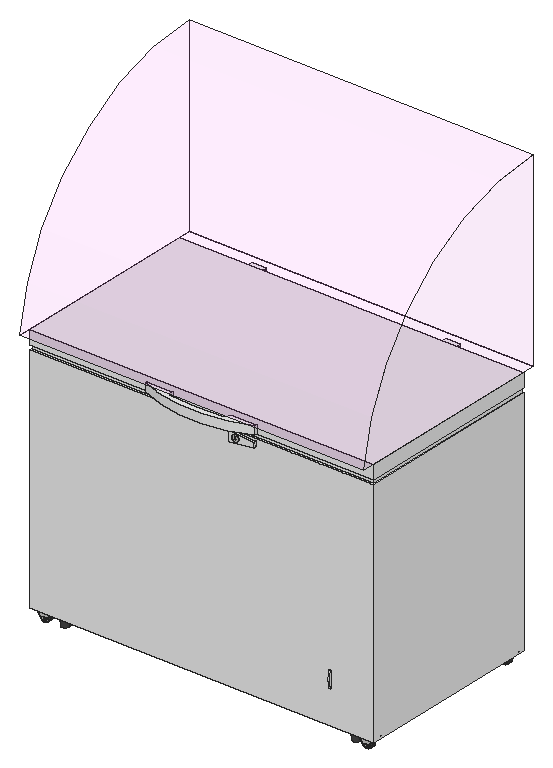
Revit family "Qf_Summit_SCFM103_10 Cu.Ft.Chest Freezer", category Specialty Equipment, Revit 2020
Family settings
  Round Connector Dimension = Use Diameter
  Part Type = Normal
  Work Plane-Based = No
  Always vertical = Yes
  Cut with Voids When Loaded = No
  Shared = No
  Room Calculation Point = No
Parameters
  Weight in Pounds = 120
  Watts = FL Amps * Volts  # 284.05 W
  Volts = 115 V
  URL Cutsheet = ""
  Specification by User = ""
  Specification by Manufacturer = ""
  Show Clearance [instance] = yes
  Serial Number = ""
  Seismic Rating = ""
  SMACNA No = ""
  Revision Code = ""
  Refrigerant Volume = 0.00 kip
  Refrigerant Type = "R600a"
  Phase = 1
  Number of Poles = 1
  NAFEM Spec ID Number = ""
  Model = "SCFM103"
  Min Ckt Ampacity = 0 A
  Max Overcurrent Protection = 0 A
  Masterspec = ""
  Manufacturer = "Summit"
  Length = 44"
  Item Number = ""
  Installed By = ""
  Identify Quantity as Lot = yes
  Height = 33 1/4"
  HP = ""
  Furnished By = ""
  Foodservice Equipment Identifier = yes
  FL Amps = 2.47 A
  Electrical Remarks = ""
  Electric Connection Type = ""
  Elec Conn RI Height = 0"
  Elec Conn Connection Height = 0"
  Description = "10 Cu.Ft. Chest Freezer"
  Depth = 25 1/2"
  Default Elevation = 0"
  Cycle = 60 Hz
  Conn Plug = ""
  Conn Conduit = yes
  CSI MasterFormat = ""
  Apparent Power = 828 VA
Reference planes (in)
  plane 1: z = 0
  plane 2 "LEFT": x = 0
  plane 3 "RIGHT": x = 44
  plane 4 "FRONT": y = -26.25
  plane 5 "TOP": z = 33.25
  plane 6 "Center Y": x = 22
  plane 7 "Center X": y = -13.5
  plane 8 "BACK": y = -0.75
  plane 9: z = 1.5
  plane 10: z = 31
  plane 11: z = 57.5
  plane 12: z = 31.5
  plane 13: x = 0.1875
  plane 14: x = 43.8125
  plane 15: y = -28
Forms (in)
  Extrusion 1, solid, material "QF_Metallic_Paint_White_Smooth"
    sketch origin (0, 0, 0) x (1, 0, 0) y (0, 1, 0)
      loop
        line (0, -2.25) -> (0, -26.25) -> (44, -26.25) -> (44, -2.25) -> (0, -2.25)
    from 1.5 to 31
  Extrusion 2, solid, material "QF_Metallic_Paint_White_Smooth"
    sketch origin (0, 0, 0) x (1, 0, 0) y (0, 1, 0)
      loop
        line (0, -2.25) -> (0, -26.25) -> (44, -26.25) -> (44, -2.25) -> (0, -2.25)
    from 31.5 to 33.25
  Extrusion 3, solid, material "QF_Metallic_Paint_White_Smooth"
    sketch origin (0, 0, 0) x (1, 0, 0) y (0, 1, 0)
      loop
        line (43.8125, -25.99841) -> (43.8125, -2.46056) -> (0.1875, -2.46056) -> (0.1875, -25.99841) -> (43.8125, -25.99841)
    from 31 to 31.5
  Extrusion 4, solid, material "QF_Metallic_Paint_White_Smooth"
    sketch origin (0, 0, 0) x (1, 0, 0) y (0, 1, 0)
      loop
        arc (15, -26.5) -> (22, -28) -> (29, -26.5) r 17.08333
        line (29, -26.5) -> (29, -26.25) -> (25.74893, -26.25)
        arc (25.74893, -26.25) -> (25.70572, -26.59052) -> (25.54992, -26.89637) r 1
        arc (25.54992, -26.89637) -> (25.49347, -26.94746) -> (25.42202, -26.97375) r 0.2
        arc (25.42202, -26.97375) -> (22, -27.25) -> (18.57798, -26.97375) r 21.33333
        arc (18.57798, -26.97375) -> (18.50653, -26.94746) -> (18.45008, -26.89637) r 0.2
        arc (18.45008, -26.89637) -> (18.29428, -26.59052) -> (18.25107, -26.25) r 1
        line (18.25107, -26.25) -> (15, -26.25) -> (15, -26.5)
    from 31.5 to 32.59678
  Extrusion 5, solid, material "QF_Metallic_Paint_White_Smooth"
    sketch origin (0, -0.75, 0) x (1, 0, 0) y (0, 0, 1)
      loop
        arc (28.90013, 29.75) -> (28.97084, 29.77929) -> (29.00013, 29.85) r 0.1
        line (29.00013, 29.85) -> (29.00013, 30.9)
        arc (29.00013, 30.9) -> (28.97084, 30.97071) -> (28.90013, 31) r 0.1
        line (28.90013, 31) -> (25.85013, 31)
        arc (25.85013, 31) -> (25.77942, 30.97071) -> (25.75013, 30.9) r 0.1
        line (25.75013, 30.9) -> (25.75013, 29.85)
        arc (25.75013, 29.85) -> (25.77942, 29.77929) -> (25.85013, 29.75) r 0.1
        line (25.85013, 29.75) -> (28.90013, 29.75)
    from 25.5 to 25.89733
  Extrusion 6, void
    sketch origin (0, -26.64733, 0) x (-1, 0, 0) y (0, 0, 1)
      loop
        line (-25.96691, 30.98511) -> (-28.91745, 30.67499)
        arc (-28.91745, 30.67499) -> (-28.95778, 30.65444) -> (-28.97401, 30.61218) r 0.06316
        line (-28.97401, 30.61218) -> (-28.97401, 30.13723)
        arc (-28.97401, 30.13723) -> (-28.95795, 30.09541) -> (-28.91804, 30.07507) r 0.0625
        line (-28.91804, 30.07507) -> (-25.96691, 29.76489)
        arc (-25.96691, 29.76489) -> (-25.83696, 29.80712) -> (-25.78138, 29.93194) r 0.16797
        line (-25.78138, 29.93194) -> (-25.78138, 30.81806)
        arc (-25.78138, 30.81806) -> (-25.83696, 30.94289) -> (-25.96691, 30.98511) r 0.16797
      loop
        line (-29.11585, 29.61237) -> (-25.55502, 29.61237) -> (-25.55502, 31.11237) -> (-29.11585, 31.11237) -> (-29.11585, 29.61237)
      loop
        circle (-26.62513, 30.375) r 0.4375
    from 0 to 0.39733
  Extrusion 7, solid, material "QF_Metal_Stainless_Polished"
    sketch origin (0, -26.64733, 0) x (1, 0, 0) y (0, 0, 1)
      loop
        circle (26.62513, 30.375) r 0.4375
      loop
        line (26.59388, 30.59505) -> (26.59388, 30.26689) -> (26.65638, 30.26689) -> (26.65638, 30.59505) -> (26.59388, 30.59505)
    from 0 to -0.39733
  Revolve 8, solid, material "QF_Metallic_Paint_Black_Glossy"
    sketch origin (0, -24.75, 0) x (1, 0, 0) y (0, 0, 1)
      loop
        line (3.38878, 1.5) -> (3.38878, 0) -> (3.88878, 0) -> (3.97211, 1.03254) -> (3.97211, 1.09504) -> (3.57628, 1.09504) -> (3.57628, 1.5) -> (3.38878, 1.5)
      axis (3.38878, 0) -> (3.38878, 1.5)
    angle from 0 to 360
  Revolve 9, solid, material "QF_Metallic_Paint_Black_Glossy"
    sketch origin (44, -24.75, 0) x (-1, 0, 0) y (0, 0, 1)
      loop
        line (3.38878, 1.5) -> (3.38878, 0) -> (3.88878, 0) -> (3.97211, 1.03254) -> (3.97211, 1.09504) -> (3.57628, 1.09504) -> (3.57628, 1.5) -> (3.38878, 1.5)
      axis (3.38878, 0) -> (3.38878, 1.5)
    angle from 0 to 360
  Extrusion 10, solid, material "QF_Metal_Stainless_Polished"
    sketch origin (0, -24.75, 0) x (1, 0, 0) y (0, 0, 1)
      loop
        circle (1.41921, 0.525) r 0.41953
    from 0.10787 to 0.8889
  Extrusion 11, solid, material "QF_Metal_Stainless_Polished"
    sketch origin (0, -24.75, 0) x (1, 0, 0) y (0, 0, 1)
      loop
        line (0.21921, 1.5) -> (1.18845, 0.3333)
        arc (1.18845, 0.3333) -> (1.41921, 0.225) -> (1.64997, 0.3333) r 0.3
        line (1.64997, 0.3333) -> (2.61921, 1.5) -> (0.21921, 1.5)
    from 0 to 0.0625
  Extrusion 12, solid, material "QF_Metal_Stainless_Polished"
    sketch origin (0, -24.75, 0) x (1, 0, 0) y (0, 0, 1)
      loop
        line (0.37902, 1.425) -> (1.24614, 0.38122)
        arc (1.24614, 0.38122) -> (1.41921, 0.3) -> (1.59228, 0.38122) r 0.225
        line (1.59228, 0.38122) -> (2.4594, 1.425) -> (0.37902, 1.425)
    from 0 to -0.03188
  Extrusion 13, solid, material "QF_Metal_Stainless_Polished"
    sketch origin (0, -24.75, 0) x (1, 0, 0) y (0, 0, 1)
      loop
        circle (1.41921, 0.525) r 0.15
    from -0.08425 to 1.06343
  Extrusion 14, solid, material "QF_Metal_Stainless_Polished"
    sketch origin (0, -24.75, 0) x (1, 0, 0) y (0, 0, 1)
      loop
        line (0.21921, 1.5) -> (0.44642, 1.2265) -> (2.392, 1.2265) -> (2.61921, 1.5) -> (0.21921, 1.5)
    from 0.0625 to 0.92297
  Extrusion 15, solid, material "QF_Metal_Stainless_Polished"
    sketch origin (0, -25.73547, 0) x (1, 0, 0) y (0, 0, -1)
      loop
        line (0.21921, -1.5) -> (2.61921, -1.5) -> (1.64997, -0.3333)
        arc (1.64997, -0.3333) -> (1.41921, -0.225) -> (1.18845, -0.3333) r 0.3
        line (1.18845, -0.3333) -> (0.21921, -1.5)
    from 0 to 0.0625
  Extrusion 16, solid, material "QF_Metal_Stainless_Polished"
    sketch origin (0, -25.73547, 0) x (1, 0, 0) y (0, 0, -1)
      loop
        line (0.37902, -1.425) -> (2.4594, -1.425) -> (1.59228, -0.38122)
        arc (1.59228, -0.38122) -> (1.41921, -0.3) -> (1.24614, -0.38122) r 0.225
        line (1.24614, -0.38122) -> (0.37902, -1.425)
    from 0 to -0.03188
  Sweep 17, solid, material "QF_Metallic_Paint_Black_Glossy"
    path origin (0, -24.75, 0) x (1, 0, 0) y (0, 0, 1)
      loop
        circle (1.41921, 0.525) r 0.525
    profile origin (1.41921, -24.75, 1.05) x (0, 0, -1) y (0, -1, 0)
      loop
        arc (0, 0.21333) -> (0.03089, 0.13876) -> (0.10547, 0.10787) r 0.10547
        line (0.10547, 0.10787) -> (0.10547, 0.78104)
        arc (0.10547, 0.78104) -> (0.03089, 0.75014) -> (0, 0.67557) r 0.10547
        line (0, 0.67557) -> (0, 0.21333)
  Revolve 18, solid, material "QF_Metallic_Paint_Black_Glossy"
    sketch origin (0, -3.75, 0) x (1, 0, 0) y (0, 0, -1)
      loop
        line (3.38878, -1.5) -> (3.57628, -1.5) -> (3.57628, -1.09504) -> (3.97211, -1.09504) -> (3.97211, -1.03254) -> (3.88878, 0) -> (3.38878, 0) -> (3.38878, -1.5)
      axis (3.38878, 0) -> (3.38878, -1.5)
    angle from 0 to 360
  Revolve 19, solid, material "QF_Metallic_Paint_Black_Glossy"
    sketch origin (44, -3.75, 0) x (-1, 0, 0) y (0, 0, 1)
      loop
        line (3.38878, 1.5) -> (3.38878, 0) -> (3.88878, 0) -> (3.97211, 1.03254) -> (3.97211, 1.09504) -> (3.57628, 1.09504) -> (3.57628, 1.5) -> (3.38878, 1.5)
      axis (3.38878, 0) -> (3.38878, 1.5)
    angle from 0 to 360
  Extrusion 20, solid, material "QF_Metal_Stainless_Polished"
    sketch origin (0, -3.75, 0) x (1, 0, 0) y (0, 0, -1)
      loop
        circle (1.41921, -0.525) r 0.41953
    from 0.10787 to 0.8889
  Extrusion 21, solid, material "QF_Metal_Stainless_Polished"
    sketch origin (0, -3.75, 0) x (1, 0, 0) y (0, 0, -1)
      loop
        line (0.21921, -1.5) -> (2.61921, -1.5) -> (1.64997, -0.3333)
        arc (1.64997, -0.3333) -> (1.41921, -0.225) -> (1.18845, -0.3333) r 0.3
        line (1.18845, -0.3333) -> (0.21921, -1.5)
    from 0 to 0.0625
  Extrusion 22, solid, material "QF_Metal_Stainless_Polished"
    sketch origin (0, -3.75, 0) x (1, 0, 0) y (0, 0, -1)
      loop
        line (0.37902, -1.425) -> (2.4594, -1.425) -> (1.59228, -0.38122)
        arc (1.59228, -0.38122) -> (1.41921, -0.3) -> (1.24614, -0.38122) r 0.225
        line (1.24614, -0.38122) -> (0.37902, -1.425)
    from 0 to -0.03188
  Extrusion 23, solid, material "QF_Metal_Stainless_Polished"
    sketch origin (0, -3.75, 0) x (1, 0, 0) y (0, 0, -1)
      loop
        circle (1.41921, -0.525) r 0.15
    from -0.08425 to 1.06343
  Extrusion 24, solid, material "QF_Metal_Stainless_Polished"
    sketch origin (0, -3.75, 0) x (1, 0, 0) y (0, 0, -1)
      loop
        line (0.21921, -1.5) -> (2.61921, -1.5) -> (2.392, -1.2265) -> (0.44642, -1.2265) -> (0.21921, -1.5)
    from 0.0625 to 0.92297
  Extrusion 25, solid, material "QF_Metal_Stainless_Polished"
    sketch origin (0, -2.76453, 0) x (1, 0, 0) y (0, 0, 1)
      loop
        line (0.21921, 1.5) -> (1.18845, 0.3333)
        arc (1.18845, 0.3333) -> (1.41921, 0.225) -> (1.64997, 0.3333) r 0.3
        line (1.64997, 0.3333) -> (2.61921, 1.5) -> (0.21921, 1.5)
    from 0 to 0.0625
  Extrusion 26, solid, material "QF_Metal_Stainless_Polished"
    sketch origin (0, -2.76453, 0) x (1, 0, 0) y (0, 0, 1)
      loop
        line (0.37902, 1.425) -> (1.24614, 0.38122)
        arc (1.24614, 0.38122) -> (1.41921, 0.3) -> (1.59228, 0.38122) r 0.225
        line (1.59228, 0.38122) -> (2.4594, 1.425) -> (0.37902, 1.425)
    from 0 to -0.03188
  Sweep 27, solid, material "QF_Metallic_Paint_Black_Glossy"
    path origin (0, -3.75, 0) x (1, 0, 0) y (0, 0, -1)
      loop
        circle (1.41921, -0.525) r 0.525
    profile origin (1.41921, -3.75, 1.05) x (0, 0, 1) y (0, 1, 0)
      loop
        line (0, 0.21333) -> (0, 0.67557)
        arc (0, 0.67557) -> (-0.03089, 0.75014) -> (-0.10547, 0.78104) r 0.10547
        line (-0.10547, 0.78104) -> (-0.10547, 0.10787)
        arc (-0.10547, 0.10787) -> (-0.03089, 0.13876) -> (0, 0.21333) r 0.10547
  Extrusion 28, solid, material "QF_Metal_Stainless_Polished"
    sketch origin (44, -24.75, 0) x (-1, 0, 0) y (0, 0, -1)
      loop
        circle (1.41921, -0.525) r 0.41953
    from 0.10787 to 0.8889
  Extrusion 29, solid, material "QF_Metal_Stainless_Polished"
    sketch origin (44, -24.75, 0) x (-1, 0, 0) y (0, 0, -1)
      loop
        line (0.21921, -1.5) -> (2.61921, -1.5) -> (1.64997, -0.3333)
        arc (1.64997, -0.3333) -> (1.41921, -0.225) -> (1.18845, -0.3333) r 0.3
        line (1.18845, -0.3333) -> (0.21921, -1.5)
    from 0 to 0.0625
  Extrusion 30, solid, material "QF_Metal_Stainless_Polished"
    sketch origin (44, -24.75, 0) x (-1, 0, 0) y (0, 0, -1)
      loop
        line (0.37902, -1.425) -> (2.4594, -1.425) -> (1.59228, -0.38122)
        arc (1.59228, -0.38122) -> (1.41921, -0.3) -> (1.24614, -0.38122) r 0.225
        line (1.24614, -0.38122) -> (0.37902, -1.425)
    from 0 to -0.03188
  Extrusion 31, solid, material "QF_Metal_Stainless_Polished"
    sketch origin (44, -24.75, 0) x (-1, 0, 0) y (0, 0, -1)
      loop
        circle (1.41921, -0.525) r 0.15
    from -0.08425 to 1.06343
  Extrusion 32, solid, material "QF_Metal_Stainless_Polished"
    sketch origin (44, -24.75, 0) x (-1, 0, 0) y (0, 0, -1)
      loop
        line (0.21921, -1.5) -> (2.61921, -1.5) -> (2.392, -1.2265) -> (0.44642, -1.2265) -> (0.21921, -1.5)
    from 0.0625 to 0.92297
  Extrusion 33, solid, material "QF_Metal_Stainless_Polished"
    sketch origin (44, -25.73547, 0) x (-1, 0, 0) y (0, 0, 1)
      loop
        line (0.21921, 1.5) -> (1.18845, 0.3333)
        arc (1.18845, 0.3333) -> (1.41921, 0.225) -> (1.64997, 0.3333) r 0.3
        line (1.64997, 0.3333) -> (2.61921, 1.5) -> (0.21921, 1.5)
    from 0 to 0.0625
  Extrusion 34, solid, material "QF_Metal_Stainless_Polished"
    sketch origin (44, -25.73547, 0) x (-1, 0, 0) y (0, 0, 1)
      loop
        line (0.37902, 1.425) -> (1.24614, 0.38122)
        arc (1.24614, 0.38122) -> (1.41921, 0.3) -> (1.59228, 0.38122) r 0.225
        line (1.59228, 0.38122) -> (2.4594, 1.425) -> (0.37902, 1.425)
    from 0 to -0.03188
  Sweep 35, solid, material "QF_Metallic_Paint_Black_Glossy"
    path origin (44, -24.75, 0) x (-1, 0, 0) y (0, 0, -1)
      loop
        circle (1.41921, -0.525) r 0.525
    profile origin (42.58079, -24.75, 1.05) x (0, 0, 1) y (0, -1, 0)
      loop
        line (0, 0.21333) -> (0, 0.67557)
        arc (0, 0.67557) -> (-0.03089, 0.75014) -> (-0.10547, 0.78104) r 0.10547
        line (-0.10547, 0.78104) -> (-0.10547, 0.10787)
        arc (-0.10547, 0.10787) -> (-0.03089, 0.13876) -> (0, 0.21333) r 0.10547
  Extrusion 36, solid, material "QF_Metal_Stainless_Polished"
    sketch origin (44, -3.75, 0) x (-1, 0, 0) y (0, 0, 1)
      loop
        circle (1.41921, 0.525) r 0.41953
    from 0.10787 to 0.8889
  Extrusion 37, solid, material "QF_Metal_Stainless_Polished"
    sketch origin (44, -3.75, 0) x (-1, 0, 0) y (0, 0, 1)
      loop
        line (0.21921, 1.5) -> (1.18845, 0.3333)
        arc (1.18845, 0.3333) -> (1.41921, 0.225) -> (1.64997, 0.3333) r 0.3
        line (1.64997, 0.3333) -> (2.61921, 1.5) -> (0.21921, 1.5)
    from 0 to 0.0625
  Extrusion 38, solid, material "QF_Metal_Stainless_Polished"
    sketch origin (44, -3.75, 0) x (-1, 0, 0) y (0, 0, 1)
      loop
        line (0.37902, 1.425) -> (1.24614, 0.38122)
        arc (1.24614, 0.38122) -> (1.41921, 0.3) -> (1.59228, 0.38122) r 0.225
        line (1.59228, 0.38122) -> (2.4594, 1.425) -> (0.37902, 1.425)
    from 0 to -0.03188
  Extrusion 39, solid, material "QF_Metal_Stainless_Polished"
    sketch origin (44, -3.75, 0) x (-1, 0, 0) y (0, 0, 1)
      loop
        circle (1.41921, 0.525) r 0.15
    from -0.08425 to 1.06343
  Extrusion 40, solid, material "QF_Metal_Stainless_Polished"
    sketch origin (44, -3.75, 0) x (-1, 0, 0) y (0, 0, 1)
      loop
        line (0.21921, 1.5) -> (0.44642, 1.2265) -> (2.392, 1.2265) -> (2.61921, 1.5) -> (0.21921, 1.5)
    from 0.0625 to 0.92297
  Extrusion 41, solid, material "QF_Metal_Stainless_Polished"
    sketch origin (44, -2.76453, 0) x (-1, 0, 0) y (0, 0, -1)
      loop
        line (0.21921, -1.5) -> (2.61921, -1.5) -> (1.64997, -0.3333)
        arc (1.64997, -0.3333) -> (1.41921, -0.225) -> (1.18845, -0.3333) r 0.3
        line (1.18845, -0.3333) -> (0.21921, -1.5)
    from 0 to 0.0625
  Extrusion 42, solid, material "QF_Metal_Stainless_Polished"
    sketch origin (44, -2.76453, 0) x (-1, 0, 0) y (0, 0, -1)
      loop
        line (0.37902, -1.425) -> (2.4594, -1.425) -> (1.59228, -0.38122)
        arc (1.59228, -0.38122) -> (1.41921, -0.3) -> (1.24614, -0.38122) r 0.225
        line (1.24614, -0.38122) -> (0.37902, -1.425)
    from 0 to -0.03188
  Sweep 43, solid, material "QF_Metallic_Paint_Black_Glossy"
    path origin (44, -3.75, 0) x (-1, 0, 0) y (0, 0, 1)
      loop
        circle (1.41921, 0.525) r 0.525
    profile origin (42.58079, -3.75, 1.05) x (0, 0, -1) y (0, 1, 0)
      loop
        arc (0, 0.21333) -> (0.03089, 0.13876) -> (0.10547, 0.10787) r 0.10547
        line (0.10547, 0.10787) -> (0.10547, 0.78104)
        arc (0.10547, 0.78104) -> (0.03089, 0.75014) -> (0, 0.67557) r 0.10547
        line (0, 0.67557) -> (0, 0.21333)
  Extrusion 44, solid, material "QF_Plastic_White_Smooth"
    sketch origin (0, 0, 0) x (1, 0, 0) y (0, 1, 0)
      loop
        line (9.75803, -0.75) -> (8.13325, -0.75)
        arc (8.13325, -0.75) -> (8.08997, -0.76793) -> (8.07204, -0.81121) r 0.06121
        line (8.07204, -0.81121) -> (8.07204, -2.1875) -> (9.82204, -2.1875) -> (9.82204, -0.81401)
        arc (9.82204, -0.81401) -> (9.80329, -0.76875) -> (9.75803, -0.75) r 0.06401
    from 30.001 to 32.59678
  Extrusion 45, solid, material "QF_Metallic_Paint_White_Smooth"
    sketch origin (38.55344, -0.75, 7.81448) x (0, 0, -1) y (0, 1, 0)
      loop
        arc (0, -25.58042) -> (1.00193, -25.74653) -> (2.00385, -25.58042) r 3.10468
        line (2.00385, -25.58042) -> (2.00385, -25.5) -> (0, -25.5) -> (0, -25.58042)
    from 0 to -0.2014
  Extrusion 46, solid, material "QF_Plastic_White_Smooth"
    sketch origin (42.6875, 0, 0) x (-1, 0, 0) y (0, -1, 0)
      loop
        arc (9.75803, 0.75) -> (9.80329, 0.76875) -> (9.82204, 0.81401) r 0.06401
        line (9.82204, 0.81401) -> (9.82204, 2.1875) -> (8.07204, 2.1875) -> (8.07204, 0.81121)
        arc (8.07204, 0.81121) -> (8.08997, 0.76793) -> (8.13325, 0.75) r 0.06121
        line (8.13325, 0.75) -> (9.75803, 0.75)
    from 30.001 to 32.59678
  Extrusion 47, solid, material "QF_Metallic_Paint_White_Smooth"
    sketch origin (0, -0.75, 0) x (1, 0, 0) y (0, 0, 1)
      loop
        circle (40.21252, 2.5928) r 0.47206
      loop
        circle (4.76775, 3.251) r 0.75
    from 1.25 to 1.5
  Extrusion 48, solid, material "QF_Clearances_Door_Drawer"
    sketch origin (23.88, 0, 0) x (0, 1, 0) y (0, 0, 1)
      loop
        line (-0.72945, 33.25) -> (-0.72945, 57.5)
        arc (-0.72945, 57.5) -> (-18.89458, 50.55007) -> (-27.78171, 33.25) r 27.21417
        line (-27.78171, 33.25) -> (-0.72945, 33.25)
    from -23.88 to 20.12
Cuts and joins
  Extrusion 6 cuts Extrusion 1
  Extrusion 6 cuts Extrusion 5
  joined: Extrusion 1, Extrusion 5, Extrusion 47
  Extrusion 6 cuts Extrusion 3
Lines and regions (in)
  Split face 1
    outline origin (0, -26.25, 31) x (0, 0, -1) y (1, 0, 0)
      loop
        arc (22.77768, 34.42408) -> (22.82487, 34.31015) -> (22.9388, 34.26296) r 0.16112
        line (22.9388, 34.26296) -> (25.83888, 34.26296)
        arc (25.83888, 34.26296) -> (25.95281, 34.31015) -> (26, 34.42408) r 0.16112
        line (26, 34.42408) -> (26, 40.09468)
        arc (26, 40.09468) -> (25.95281, 40.20861) -> (25.83888, 40.2558) r 0.16112
        line (25.83888, 40.2558) -> (22.9388, 40.2558)
        arc (22.9388, 40.2558) -> (22.82487, 40.20861) -> (22.77768, 40.09468) r 0.16112
        line (22.77768, 40.09468) -> (22.77768, 34.42408)
  Split face 2
    outline origin (0, -26.25, 31) x (0, 0, -1) y (1, 0, 0)
      loop
        line (22.84018, 40.03218) -> (22.84018, 34.48658)
        arc (22.84018, 34.48658) -> (22.88737, 34.37265) -> (23.0013, 34.32546) r 0.16112
        line (23.0013, 34.32546) -> (25.77638, 34.32546)
        arc (25.77638, 34.32546) -> (25.89031, 34.37265) -> (25.9375, 34.48658) r 0.16112
        line (25.9375, 34.48658) -> (25.9375, 40.03218)
        arc (25.9375, 40.03218) -> (25.89031, 40.14611) -> (25.77638, 40.1933) r 0.16112
        line (25.77638, 40.1933) -> (23.0013, 40.1933)
        arc (23.0013, 40.1933) -> (22.88737, 40.14611) -> (22.84018, 40.03218) r 0.16112
  Split face 3
    outline origin (0, -26.25, 31) x (0, 0, -1) y (1, 0, 0)
      loop
        arc (23.68396, 35.03362) -> (23.48256, 34.83223) -> (23.68396, 34.63083) r 0.20139
        line (23.68396, 34.63083) -> (24.89233, 34.63083)
        arc (24.89233, 34.63083) -> (25.09372, 34.83223) -> (24.89233, 35.03362) r 0.20139
        line (24.89233, 35.03362) -> (23.68396, 35.03362)
  Split face 4
    outline origin (0, -26.25, 31) x (0, 0, -1) y (1, 0, 0)
      loop
        arc (23.68396, 36.21436) -> (23.48256, 36.01297) -> (23.68396, 35.81157) r 0.2014
        line (23.68396, 35.81157) -> (24.89233, 35.81157)
        arc (24.89233, 35.81157) -> (25.09372, 36.01297) -> (24.89233, 36.21436) r 0.2014
        line (24.89233, 36.21436) -> (23.68396, 36.21436)
  Split face 5
    outline origin (0, -26.25, 31) x (0, 0, -1) y (1, 0, 0)
      loop
        line (23.68396, 36.79294) -> (24.89233, 36.79294)
        arc (24.89233, 36.79294) -> (25.09372, 36.99434) -> (24.89233, 37.19573) r 0.2014
        line (24.89233, 37.19573) -> (23.68396, 37.19573)
        arc (23.68396, 37.19573) -> (23.48256, 36.99434) -> (23.68396, 36.79294) r 0.2014
  Split face 6
    outline origin (0, -26.25, 31) x (0, 0, -1) y (1, 0, 0)
      loop
        circle (24.18744, 38.45274) r 1.00698
  Split face 7
    outline origin (0, -26.25, 31) x (0, 0, -1) y (1, 0, 0)
      loop
        circle (24.18744, 38.45274) r 0.95493
  symbolic lines, style "QF_Clearances_Door_Drawer"
    curve 1: arc (23.88, -22.1038, 47.13066) -> (23.88, -25.91778, 40.58917) -> (23.88, -27.78171, 33.25) r 27.21417
    curve 2: line (23.88, -0.72945, 33.25) -> (23.88, -22.1038, 47.13066)
  symbolic lines
    curve 3: arc (25.42202, -26.97375, 0) -> (22, -27.25, 0) -> (18.57798, -26.97375, 0) r 21.33333
    curve 4: arc (18.57798, -26.97375, 0) -> (18.50653, -26.94746, 0) -> (18.45008, -26.89637, 0) r 0.2
    curve 5: arc (18.45008, -26.89637, 0) -> (18.29428, -26.59052, 0) -> (18.25107, -26.25, 0) r 1
    curve 6: line (18.25107, -26.25, 0) -> (15, -26.25, 0)
    curve 7: line (15, -26.25, 0) -> (15, -26.5, 0)
    curve 8: arc (15, -26.5, 0) -> (22, -28, 0) -> (29, -26.5, 0) r 17.08333
    curve 9: line (29, -26.5, 0) -> (29, -26.25, 0)
    curve 10: line (29, -26.25, 0) -> (25.74893, -26.25, 0)
    curve 11: arc (25.74893, -26.25, 0) -> (25.70572, -26.59052, 0) -> (25.54992, -26.89637, 0) r 1
    curve 12: arc (25.54992, -26.89637, 0) -> (25.49347, -26.94746, 0) -> (25.42202, -26.97375, 0) r 0.2
    curve 13: line (0, -26.25, 0) -> (44, -26.25, 0)
    curve 14: line (44, -26.25, 0) -> (44, -2.25, 0)
    curve 15: line (44, -2.25, 0) -> (0, -2.25, 0)
    curve 16: line (0, -2.25, 0) -> (0, -26.25, 0)
    curve 17: line (7.94704, -0.8125, 0) -> (7.94704, -2.1875, 0)
    curve 18: arc (7.94704, -2.1875, 0) -> (7.96534, -2.23169, 0) -> (8.00954, -2.25, 0) r 0.0625
    curve 19: line (8.00954, -2.25, 0) -> (8.07204, -2.25, 0)
    curve 20: line (8.07204, -2.25, 0) -> (8.07204, -0.75, 0)
    curve 21: line (8.07204, -0.75, 0) -> (8.00954, -0.75, 0)
    curve 22: arc (8.00954, -0.75, 0) -> (7.96534, -0.76831, 0) -> (7.94704, -0.8125, 0) r 0.0625
    curve 23: line (9.94704, -2.1875, 0) -> (9.94704, -0.8125, 0)
    curve 24: arc (9.94704, -0.8125, 0) -> (9.92873, -0.76831, 0) -> (9.88454, -0.75, 0) r 0.0625
    curve 25: line (9.88454, -0.75, 0) -> (9.82204, -0.75, 0)
    curve 26: line (9.82204, -0.75, 0) -> (9.82204, -2.25, 0)
    curve 27: line (9.82204, -2.25, 0) -> (9.88454, -2.25, 0)
    curve 28: arc (9.88454, -2.25, 0) -> (9.92873, -2.23169, 0) -> (9.94704, -2.1875, 0) r 0.0625
    curve 29: line (9.75803, -0.75, 0) -> (8.13325, -0.75, 0)
    curve 30: arc (8.13325, -0.75, 0) -> (8.08997, -0.76793, 0) -> (8.07204, -0.81121, 0) r 0.06121
    curve 31: line (8.07204, -0.81121, 0) -> (8.07204, -2.1875, 0)
    curve 32: line (8.07204, -2.1875, 0) -> (9.82204, -2.1875, 0)
    curve 33: line (9.82204, -2.1875, 0) -> (9.82204, -0.81401, 0)
    curve 34: arc (9.82204, -0.81401, 0) -> (9.80329, -0.76875, 0) -> (9.75803, -0.75, 0) r 0.06401
    curve 35: line (32.74046, -0.8125, 0) -> (32.74046, -2.1875, 0)
    curve 36: arc (32.74046, -2.1875, 0) -> (32.75877, -2.23169, 0) -> (32.80296, -2.25, 0) r 0.0625
    curve 37: line (32.86546, -2.25, 0) -> (32.86546, -0.75, 0)
    curve 38: line (32.86546, -0.75, 0) -> (32.80296, -0.75, 0)
    curve 39: arc (32.80296, -0.75, 0) -> (32.75877, -0.76831, 0) -> (32.74046, -0.8125, 0) r 0.0625
    curve 40: line (34.74046, -2.1875, 0) -> (34.74046, -0.8125, 0)
    curve 41: arc (34.74046, -0.8125, 0) -> (34.72216, -0.76831, 0) -> (34.67796, -0.75, 0) r 0.0625
    curve 42: line (34.67796, -0.75, 0) -> (34.61546, -0.75, 0)
    curve 43: line (34.61546, -0.75, 0) -> (34.61546, -2.25, 0)
    curve 44: arc (34.67796, -2.25, 0) -> (34.72216, -2.23169, 0) -> (34.74046, -2.1875, 0) r 0.0625
    curve 45: line (34.55425, -0.75, 0) -> (32.92947, -0.75, 0)
    curve 46: line (34.55425, -0.75, 0) -> (32.92947, -0.75, 0)
    curve 47: arc (32.92947, -0.75, 0) -> (32.88421, -0.76875, 0) -> (32.86546, -0.81401, 0) r 0.06401
    curve 48: line (32.86546, -2.1875, 0) -> (34.61546, -2.1875, 0)
    curve 49: arc (34.61546, -0.81121, 0) -> (34.59753, -0.76793, 0) -> (34.55425, -0.75, 0) r 0.06121
Dimensions and locks (in)
  equal spacing: plane 2 "LEFT", plane 6 "Center Y", plane 3 "RIGHT"
  "Length": plane 2 "LEFT" to plane 3 "RIGHT"
  equal spacing: plane 4 "FRONT", plane 7 "Center X", plane 8 "BACK"
  "Height": plane 5 "TOP" to level
  plane 3 "RIGHT" to plane 2 "LEFT" = 44"
  plane 5 "TOP" to level = 33 1/4"  (x2)
  "Depth": plane 4 "FRONT" to plane 8 "BACK"
  plane 9 to level = 1 1/2"
  plane 5 "TOP" to plane 10 = 2 1/4"
  plane 11 to level = 57 1/2"
  plane 10 to level = 31"
  plane 8 "BACK" to plane 15 = 27 1/4"
  plane 15 to plane 4 "FRONT" = 1 3/4"
  plane 4 "FRONT" to curve 15 = 24"
  aligned and locked: level to plane 1
  aligned and locked: Extrusion 1 to plane 10
  aligned and locked: plane 5 "TOP" to Extrusion 2
  aligned and locked: plane 12 to Extrusion 2
  aligned and locked: Extrusion 7 to cut or joined group of Extrusion 1, Extrusion 5, Extrusion 6, Extrusion 47
  aligned and locked: Extrusion 14 to Extrusion 11
  aligned and locked: Extrusion 21 to Extrusion 24
  aligned and locked: Extrusion 29 to Extrusion 32
  aligned and locked: Extrusion 40 to Extrusion 37
  aligned and locked: Extrusion 48 to plane 2 "LEFT"
  aligned and locked: Extrusion 48 to plane 3 "RIGHT"
Automatic sketch dimensions
  Extrusion 1 sketch curve to plane 2 "LEFT" = 0"
  Extrusion 1 sketch curve to plane 3 "RIGHT" = 0"
  plane 4 "FRONT" to Extrusion 1 sketch curve = 0"
  plane 8 "BACK" to Extrusion 1 sketch curve = 1 1/2"
  Extrusion 2 sketch curve to plane 2 "LEFT" = 0"
  Extrusion 2 sketch curve to plane 3 "RIGHT" = 0"
  plane 4 "FRONT" to Extrusion 2 sketch curve = 0"
  plane 8 "BACK" to Extrusion 2 sketch curve = 1 1/2"
  Extrusion 3 sketch curve to plane 13 = 0"
  Extrusion 3 sketch curve to plane 14 = 0"
  Extrusion 3 sketch curve to plane 4 "FRONT" = 0.25159"
  plane 8 "BACK" to Extrusion 3 sketch curve = 1.71056"
  plane 4 "FRONT" to Extrusion 4 sketch curve = 0"  (x2)
  Extrusion 4 sketch curve to plane 6 "Center Y" = 0"  (x2)
  plane 4 "FRONT" to Extrusion 4 sketch curve = 0.04626"  (x2)
  Extrusion 4 sketch curve to plane 6 "Center Y" = 2 3/4"
  Extrusion 4 sketch curve to Extrusion 4 sketch curve = 0.63993"  (x2)
  Extrusion 4 sketch curve to Extrusion 4 sketch curve = 0.359"  (x2)
  Extrusion 4 sketch curve to Extrusion 4 sketch curve = 3.25107"  (x2)
  plane 6 "Center Y" to Extrusion 4 sketch curve = 2 3/4"
  Extrusion 4 sketch curve to Extrusion 4 sketch curve = 1/4"
  plane 4 "FRONT" to Extrusion 4 sketch curve = 0.52634"  (x2)
  plane 7 "Center X" to Extrusion 4 sketch curve = 2.58333"
  Extrusion 4 sketch curve to Extrusion 4 sketch curve = 5"
  Extrusion 4 sketch curve to Extrusion 4 sketch curve = 0.1279"
  Extrusion 4 sketch curve to Extrusion 4 sketch curve = 0"  (x2)
  Extrusion 5 sketch curve to plane 10 = 0"
  plane 10 to Extrusion 5 sketch curve = 1.15"
  plane 6 "Center Y" to Extrusion 5 sketch curve = 3.75013"
  Extrusion 5 sketch curve to Extrusion 5 sketch curve = 0.1"  (x3)
  Extrusion 5 sketch curve to Extrusion 5 sketch curve = 3.05"
  Extrusion 5 sketch curve to Extrusion 5 sketch curve = 0"
  Extrusion 6 sketch curve to Extrusion 5 = 0.11572"
  Extrusion 5 to Extrusion 6 sketch curve = 0.02612"
  Extrusion 5 to Extrusion 6 sketch curve = 0.08209"
  Extrusion 5 to Extrusion 6 sketch curve = 0.08268"
  Extrusion 6 sketch curve to Extrusion 6 sketch curve = 0.00653"
  Extrusion 6 sketch curve to Extrusion 6 sketch curve = 0.06316"
  Extrusion 5 to Extrusion 6 sketch curve = 7/8"
  Extrusion 5 to Extrusion 6 sketch curve = 0.01489"  (x2)
  Extrusion 5 to Extrusion 6 sketch curve = 0.21678"  (x2)
  Extrusion 6 sketch curve to Extrusion 6 sketch curve = 0.01756"  (x2)
  Extrusion 5 to Extrusion 6 sketch curve = 1/32"
  Extrusion 6 sketch curve to Extrusion 5 = 0.19511"
  Extrusion 6 sketch curve to Extrusion 5 = 0.13763"
  Extrusion 5 to Extrusion 6 sketch curve = 0.32507"
  Extrusion 5 to Extrusion 6 sketch curve = 5/8"
  Extrusion 5 to Extrusion 6 sketch curve = 0.38782"
  Extrusion 6 sketch curve to Extrusion 5 = 0.11237"
  Extrusion 7 sketch curve to Extrusion 5 = 0.40495"
  Extrusion 7 sketch curve to Extrusion 5 = 27/32"
  Extrusion 7 sketch curve to Extrusion 7 sketch curve = 1/32"
  Extrusion 7 sketch curve to Extrusion 7 sketch curve = 1/16"
  Extrusion 7 sketch curve to Extrusion 7 sketch curve = 0.22005"
  Extrusion 7 sketch curve to Extrusion 7 sketch curve = 0.10811"
  plane 9 to Revolve 8 sketch curve = 0"  (x2)
  Revolve 8 sketch curve to level = 0"
  Revolve 8 sketch curve to plane 13 = 3.20128"
  Revolve 8 sketch curve to Revolve 8 sketch curve = 3/16"
  Revolve 8 sketch curve to Revolve 8 sketch curve = 1/2"
  Revolve 8 sketch curve to Revolve 8 sketch curve = 0.39583"
  Revolve 8 sketch curve to Revolve 8 sketch curve = 0"
  Revolve 8 sketch curve to Revolve 8 sketch curve = 0.30847"
  Revolve 9 sketch curve to level = 0"
  plane 14 to Revolve 9 sketch curve = 3.20128"
  Revolve 9 sketch curve to Revolve 9 sketch curve = 3/16"
  Revolve 9 sketch curve to Revolve 9 sketch curve = 1/2"
  Revolve 9 sketch curve to Revolve 9 sketch curve = 0.39583"
  Revolve 9 sketch curve to Revolve 9 sketch curve = 0"  (x2)
  Revolve 9 sketch curve to plane 9 = 0.30847"
  Extrusion 10 sketch curve to plane 13 = 1.23171"
  plane 9 to Extrusion 11 sketch curve = 0"
  Extrusion 11 sketch curve to plane 13 = 0.03171"
  Extrusion 11 sketch curve to plane 13 = 1.00095"
  Extrusion 11 sketch curve to Extrusion 11 sketch curve = 0.23076"  (x2)
  Extrusion 11 sketch curve to Extrusion 11 sketch curve = 0.96924"
  Extrusion 11 sketch curve to Extrusion 11 sketch curve = 0.1917"
  Extrusion 12 sketch curve to plane 13 = 0.19152"
  Extrusion 12 sketch curve to plane 13 = 1.05864"
  Extrusion 12 sketch curve to Extrusion 12 sketch curve = 0.17307"  (x2)
  Extrusion 12 sketch curve to Extrusion 12 sketch curve = 0.86712"
  Extrusion 12 sketch curve to Extrusion 12 sketch curve = 0.14378"
  Extrusion 13 sketch curve to plane 13 = 1.23171"
  plane 9 to Extrusion 14 sketch curve = 0"
  Extrusion 14 sketch curve to plane 13 = 0.03171"
  Extrusion 14 sketch curve to plane 13 = 0.25892"
  Extrusion 14 sketch curve to Extrusion 14 sketch curve = 1.94558"
  Extrusion 14 sketch curve to Extrusion 14 sketch curve = 0.22721"
  plane 9 to Extrusion 15 sketch curve = 0"
  Extrusion 15 sketch curve to plane 13 = 0.03171"
  Extrusion 15 sketch curve to plane 13 = 1.00095"
  Extrusion 15 sketch curve to Extrusion 15 sketch curve = 0.23076"  (x2)
  Extrusion 15 sketch curve to Extrusion 15 sketch curve = 0.96924"
  Extrusion 15 sketch curve to Extrusion 15 sketch curve = 0.1917"
  Extrusion 16 sketch curve to plane 13 = 0.19152"
  Extrusion 16 sketch curve to plane 13 = 1.05864"
  Extrusion 16 sketch curve to Extrusion 16 sketch curve = 0.17307"  (x2)
  Extrusion 16 sketch curve to Extrusion 16 sketch curve = 0.86712"
  Extrusion 16 sketch curve to Extrusion 16 sketch curve = 0.14378"
  Sweep 17 sketch curve to plane 13 = 1.23171"
  Sweep 17 sketch curve to Sweep 17 sketch curve = 0.525"
  Sweep 17 sketch curve to profile plane = 0"
  Sweep 17 sketch curve to profile plane = 27/256"
  profile plane to Sweep 17 sketch curve = 0.10787"
  Sweep 17 sketch curve to Sweep 17 sketch curve = 0.46223"
  plane 9 to Revolve 18 sketch curve = 0"  (x2)
  Revolve 18 sketch curve to level = 0"
  Revolve 18 sketch curve to plane 13 = 3.20128"
  Revolve 18 sketch curve to Revolve 18 sketch curve = 3/16"
  Revolve 18 sketch curve to Revolve 18 sketch curve = 1/2"
  Revolve 18 sketch curve to Revolve 18 sketch curve = 0.39583"
  Revolve 18 sketch curve to Revolve 18 sketch curve = 0"
  Revolve 18 sketch curve to Revolve 18 sketch curve = 0.30847"
  Revolve 19 sketch curve to level = 0"
  Revolve 19 sketch curve to plane 14 = 3.20128"
  Revolve 19 sketch curve to Revolve 19 sketch curve = 3/16"
  Revolve 19 sketch curve to Revolve 19 sketch curve = 1/2"
  Revolve 19 sketch curve to Revolve 19 sketch curve = 0.39583"
  Revolve 19 sketch curve to Revolve 19 sketch curve = 0"  (x2)
  plane 9 to Revolve 19 sketch curve = 0.30847"
  Extrusion 20 sketch curve to plane 13 = 1.23171"
  plane 9 to Extrusion 21 sketch curve = 0"
  Extrusion 21 sketch curve to plane 13 = 0.03171"
  Extrusion 21 sketch curve to plane 13 = 1.00095"
  Extrusion 21 sketch curve to Extrusion 21 sketch curve = 0.23076"  (x2)
  Extrusion 21 sketch curve to Extrusion 21 sketch curve = 0.96924"
  Extrusion 21 sketch curve to Extrusion 21 sketch curve = 0.1917"
  Extrusion 22 sketch curve to plane 13 = 0.19152"
  Extrusion 22 sketch curve to plane 13 = 1.05864"
  Extrusion 22 sketch curve to Extrusion 22 sketch curve = 0.17307"  (x2)
  Extrusion 22 sketch curve to Extrusion 22 sketch curve = 0.86712"
  Extrusion 22 sketch curve to Extrusion 22 sketch curve = 0.14378"
  Extrusion 23 sketch curve to plane 13 = 1.23171"
  plane 9 to Extrusion 24 sketch curve = 0"
  Extrusion 24 sketch curve to plane 13 = 0.03171"
  Extrusion 24 sketch curve to plane 13 = 0.25892"
  Extrusion 24 sketch curve to Extrusion 24 sketch curve = 1.94558"
  Extrusion 24 sketch curve to Extrusion 24 sketch curve = 0.22721"
  plane 9 to Extrusion 25 sketch curve = 0"
  Extrusion 25 sketch curve to plane 13 = 0.03171"
  Extrusion 25 sketch curve to plane 13 = 1.00095"
  Extrusion 25 sketch curve to Extrusion 25 sketch curve = 0.23076"  (x2)
  Extrusion 25 sketch curve to Extrusion 25 sketch curve = 0.96924"
  Extrusion 25 sketch curve to Extrusion 25 sketch curve = 0.1917"
  Extrusion 26 sketch curve to plane 13 = 0.19152"
  Extrusion 26 sketch curve to plane 13 = 1.05864"
  Extrusion 26 sketch curve to Extrusion 26 sketch curve = 0.17307"  (x2)
  Extrusion 26 sketch curve to Extrusion 26 sketch curve = 0.86712"
  Extrusion 26 sketch curve to Extrusion 26 sketch curve = 0.14378"
  Sweep 27 sketch curve to plane 13 = 1.23171"
  Sweep 27 sketch curve to Sweep 27 sketch curve = 0.525"
  profile plane to Sweep 27 sketch curve = 0"
  profile plane to Sweep 27 sketch curve = 27/256"
  profile plane to Sweep 27 sketch curve = 0.10787"
  Sweep 27 sketch curve to Sweep 27 sketch curve = 0.46223"
  Extrusion 28 sketch curve to plane 14 = 1.23171"
  Extrusion 29 sketch curve to plane 14 = 0.03171"
  Extrusion 29 sketch curve to plane 14 = 1.00095"
  Extrusion 29 sketch curve to Extrusion 29 sketch curve = 0.23076"  (x2)
  Extrusion 29 sketch curve to Extrusion 29 sketch curve = 0.96924"
  Extrusion 29 sketch curve to Extrusion 29 sketch curve = 0.1917"
  Extrusion 30 sketch curve to plane 14 = 0.19152"
  Extrusion 30 sketch curve to plane 14 = 1.05864"
  Extrusion 30 sketch curve to Extrusion 30 sketch curve = 0.17307"  (x2)
  Extrusion 30 sketch curve to Extrusion 30 sketch curve = 0.86712"
  Extrusion 30 sketch curve to Extrusion 30 sketch curve = 0.14378"
  Extrusion 31 sketch curve to plane 14 = 1.23171"
  Extrusion 32 sketch curve to plane 14 = 0.03171"
  Extrusion 32 sketch curve to plane 14 = 0.25892"
  Extrusion 32 sketch curve to Extrusion 32 sketch curve = 1.94558"
  Extrusion 32 sketch curve to Extrusion 32 sketch curve = 0.22721"
  Extrusion 32 sketch curve to plane 9 = 0"
  Extrusion 33 sketch curve to plane 14 = 0.03171"
  Extrusion 33 sketch curve to plane 14 = 1.00095"
  Extrusion 33 sketch curve to Extrusion 33 sketch curve = 0.23076"  (x2)
  Extrusion 33 sketch curve to Extrusion 33 sketch curve = 0.96924"
  Extrusion 33 sketch curve to Extrusion 33 sketch curve = 0.1917"
  Extrusion 34 sketch curve to plane 14 = 0.19152"
  Extrusion 34 sketch curve to plane 14 = 1.05864"
  Extrusion 34 sketch curve to Extrusion 34 sketch curve = 0.17307"  (x2)
  Extrusion 34 sketch curve to Extrusion 34 sketch curve = 0.86712"
  Extrusion 34 sketch curve to Extrusion 34 sketch curve = 0.14378"
  Sweep 35 sketch curve to plane 14 = 1.23171"
  Sweep 35 sketch curve to Sweep 35 sketch curve = 0.525"
  profile plane to Sweep 35 sketch curve = 0"
  profile plane to Sweep 35 sketch curve = 27/256"
  profile plane to Sweep 35 sketch curve = 0.10787"
  Sweep 35 sketch curve to Sweep 35 sketch curve = 0.46223"
  Extrusion 36 sketch curve to plane 14 = 1.23171"
  Extrusion 37 sketch curve to plane 14 = 0.03171"
  Extrusion 37 sketch curve to plane 14 = 1.00095"
  Extrusion 37 sketch curve to Extrusion 37 sketch curve = 0.23076"  (x2)
  Extrusion 37 sketch curve to Extrusion 37 sketch curve = 0.96924"
  Extrusion 37 sketch curve to Extrusion 37 sketch curve = 0.1917"
  Extrusion 38 sketch curve to plane 14 = 0.19152"
  Extrusion 38 sketch curve to plane 14 = 1.05864"
  Extrusion 38 sketch curve to Extrusion 38 sketch curve = 0.17307"  (x2)
  Extrusion 38 sketch curve to Extrusion 38 sketch curve = 0.86712"
  Extrusion 38 sketch curve to Extrusion 38 sketch curve = 0.14378"
  Extrusion 39 sketch curve to plane 14 = 1.23171"
  Extrusion 40 sketch curve to plane 14 = 0.03171"
  Extrusion 40 sketch curve to plane 14 = 0.25892"
  Extrusion 40 sketch curve to Extrusion 40 sketch curve = 1.94558"
  Extrusion 40 sketch curve to Extrusion 40 sketch curve = 0.22721"
  Extrusion 40 sketch curve to plane 9 = 0"
  Extrusion 41 sketch curve to plane 14 = 0.03171"
  Extrusion 41 sketch curve to plane 14 = 1.00095"
  Extrusion 41 sketch curve to Extrusion 41 sketch curve = 0.23076"  (x2)
  Extrusion 41 sketch curve to Extrusion 41 sketch curve = 0.96924"
  Extrusion 41 sketch curve to Extrusion 41 sketch curve = 0.1917"
  Extrusion 42 sketch curve to plane 14 = 0.19152"
  Extrusion 42 sketch curve to plane 14 = 1.05864"
  Extrusion 42 sketch curve to Extrusion 42 sketch curve = 0.17307"  (x2)
  Extrusion 42 sketch curve to Extrusion 42 sketch curve = 0.86712"
  Extrusion 42 sketch curve to Extrusion 42 sketch curve = 0.14378"
  Sweep 43 sketch curve to plane 14 = 1.23171"
  Sweep 43 sketch curve to Sweep 43 sketch curve = 0.525"
  Sweep 43 sketch curve to profile plane = 0"
  Sweep 43 sketch curve to profile plane = 27/256"
  profile plane to Sweep 43 sketch curve = 0.10787"
  Sweep 43 sketch curve to Sweep 43 sketch curve = 0.46223"
  Split face 1 sketch curve to cut or joined group of Extrusion 1, Extrusion 5, Extrusion 6, Extrusion 47 = 6.72232"
  Split face 1 sketch curve to Split face 1 sketch curve = 0.16112"  (x3)
  Split face 1 sketch curve to Split face 1 sketch curve = 2.90009"  (x2)
  Split face 1 sketch curve to cut or joined group of Extrusion 1, Extrusion 5, Extrusion 6, Extrusion 47 = 5.28895"
  Split face 1 sketch curve to cut or joined group of Extrusion 1, Extrusion 5, Extrusion 6, Extrusion 47 = 3.90532"
  Split face 2 sketch curve to cut or joined group of Extrusion 1, Extrusion 5, Extrusion 6, Extrusion 47 = 6.65982"
  Split face 2 sketch curve to Split face 2 sketch curve = 0.16112"  (x3)
  Split face 2 sketch curve to Split face 2 sketch curve = 2.77509"  (x2)
  Split face 2 sketch curve to cut or joined group of Extrusion 1, Extrusion 5, Extrusion 6, Extrusion 47 = 5.35145"
  Split face 2 sketch curve to cut or joined group of Extrusion 1, Extrusion 5, Extrusion 6, Extrusion 47 = 3.96782"
  Split face 3 sketch curve to cut or joined group of Extrusion 1, Extrusion 5, Extrusion 6, Extrusion 47 = 5.81604"
  Split face 3 sketch curve to Split face 3 sketch curve = 1.20837"
  Split face 3 sketch curve to cut or joined group of Extrusion 1, Extrusion 5, Extrusion 6, Extrusion 47 = 5.65683"
  Split face 3 sketch curve to Split face 3 sketch curve = 0.20139"
  Split face 4 sketch curve to cut or joined group of Extrusion 1, Extrusion 5, Extrusion 6, Extrusion 47 = 5.81604"
  Split face 4 sketch curve to Split face 4 sketch curve = 1.20837"
  Split face 4 sketch curve to cut or joined group of Extrusion 1, Extrusion 5, Extrusion 6, Extrusion 47 = 6.83756"
  Split face 4 sketch curve to Split face 4 sketch curve = 0.20139"
  Split face 5 sketch curve to cut or joined group of Extrusion 1, Extrusion 5, Extrusion 6, Extrusion 47 = 5.81604"
  Split face 5 sketch curve to Split face 5 sketch curve = 1.20837"
  Split face 5 sketch curve to cut or joined group of Extrusion 1, Extrusion 5, Extrusion 6, Extrusion 47 = 7.20706"
  Split face 5 sketch curve to Split face 5 sketch curve = 0.20139"
  Split face 6 sketch curve to cut or joined group of Extrusion 1, Extrusion 5, Extrusion 6, Extrusion 47 = 5.31256"
  Split face 6 sketch curve to cut or joined group of Extrusion 1, Extrusion 5, Extrusion 6, Extrusion 47 = 5.54726"
  Split face 7 sketch curve to cut or joined group of Extrusion 1, Extrusion 5, Extrusion 6, Extrusion 47 = 5.31256"
  Split face 7 sketch curve to cut or joined group of Extrusion 1, Extrusion 5, Extrusion 6, Extrusion 47 = 5.54726"
  plane 8 "BACK" to Extrusion 44 sketch curve = 0"
  plane 8 "BACK" to Extrusion 44 sketch curve = 1 7/16"
  Extrusion 44 sketch curve to plane 13 = 7.88454"
  Extrusion 44 sketch curve to Extrusion 44 sketch curve = 0.06121"
  Extrusion 44 sketch curve to Extrusion 44 sketch curve = 1.62478"
  Extrusion 44 sketch curve to Extrusion 44 sketch curve = 0.06401"
  Extrusion 45 sketch curve to plane 4 "FRONT" = 0"
  Extrusion 45 sketch curve to Extrusion 45 sketch curve = 1.00193"
  Extrusion 45 sketch curve to Extrusion 45 sketch curve = 2.00385"
  Extrusion 45 sketch curve to Extrusion 45 sketch curve = 0.08042"
  Extrusion 45 sketch curve to plane 4 "FRONT" = 2.85815"
  plane 8 "BACK" to Extrusion 46 sketch curve = 0"
  Extrusion 46 sketch curve to plane 8 "BACK" = 1 7/16"
  plane 14 to Extrusion 46 sketch curve = 9.19704"
  Extrusion 46 sketch curve to Extrusion 46 sketch curve = 0.06121"
  Extrusion 46 sketch curve to Extrusion 46 sketch curve = 1.62478"
  Extrusion 46 sketch curve to Extrusion 46 sketch curve = 0.06401"
  plane 11 to Extrusion 48 sketch curve = 0"
  Extrusion 48 sketch curve to plane 5 "TOP" = 0"
  plane 4 "FRONT" to Extrusion 48 sketch curve = 1.53171"
  Extrusion 48 sketch curve to plane 8 "BACK" = 0.02055"
  curve 1 to plane 5 "TOP" = 0"
  curve 2 to plane 5 "TOP" = 0"
  plane 11 to curve 1 = 10.36934"
  curve 1 to plane 8 "BACK" = 0.02055"
  plane 10 to curve 1 = 0.71417"
  curve 2 to plane 8 "BACK" = 0.02055"
  curve 2 to plane 4 "FRONT" = 4.1462"
  plane 4 "FRONT" to curve 6 = 0"
  curve 3 to plane 6 "Center Y" = 0"
  curve 8 to plane 6 "Center Y" = 0"
  plane 4 "FRONT" to curve 10 = 0"
  plane 4 "FRONT" to curve 5 = 0.04626"
  curve 5 to plane 6 "Center Y" = 2 3/4"
  curve 4 to curve 5 = 0.63993"
  curve 6 to curve 4 = 0.359"
  curve 7 to curve 5 = 3.25107"
  plane 4 "FRONT" to curve 11 = 0.04626"
  plane 6 "Center Y" to curve 11 = 2 3/4"
  curve 11 to curve 12 = 0.63993"
  curve 12 to curve 10 = 0.359"
  curve 10 to curve 10 = 3.25107"
  curve 7 to curve 6 = 1/4"
  plane 4 "FRONT" to curve 4 = 0.52634"
  plane 4 "FRONT" to curve 12 = 0.52634"
  plane 7 "Center X" to curve 8 = 2.58333"
  curve 8 to curve 3 = 5"
  curve 5 to curve 4 = 0.1279"
  curve 3 to curve 4 = 0"
  curve 12 to curve 3 = 0"
  curve 16 to plane 2 "LEFT" = 0"
  curve 14 to plane 3 "RIGHT" = 0"
  plane 4 "FRONT" to curve 16 = 0"
  plane 8 "BACK" to curve 22 = 0"
  plane 8 "BACK" to curve 17 = 1 7/16"
  curve 17 to plane 13 = 7.75954"
  curve 18 to curve 18 = 1/16"
  curve 17 to curve 22 = 1/16"
  curve 18 to curve 20 = 1/16"
  plane 8 "BACK" to curve 25 = 0"
  curve 19 to curve 27 = 1 3/4"
  curve 25 to curve 25 = 1/16"
  curve 26 to curve 27 = 1/16"
  curve 24 to curve 23 = 1/16"
  curve 27 to curve 24 = 1 7/16"
  plane 8 "BACK" to curve 29 = 0"
  curve 31 to curve 20 = 0"
  curve 20 to curve 29 = 0.06121"
  curve 34 to curve 25 = 0.06401"
  curve 33 to curve 24 = 1/16"
  curve 26 to curve 33 = 1/16"
  plane 8 "BACK" to curve 38 = 0"
  plane 6 "Center Y" to curve 35 = 10.74046"
  curve 35 to curve 39 = 1/16"
  curve 36 to curve 36 = 1/16"
  plane 8 "BACK" to curve 43 = 0"
  curve 42 to curve 41 = 1/16"
  plane 8 "BACK" to curve 46 = 0"
  plane 8 "BACK" to curve 47 = 0.06401"
  curve 43 to curve 48 = 1/16"
  plane 8 "BACK" to curve 49 = 0.06121"
  curve 38 to curve 37 = 1/16"
  curve 47 to curve 46 = 1.62478"
  curve 48 to curve 44 = 1/16"
  curve 48 to curve 44 = 0"
  Revolve 8 sketch curve to plane 9 = 0.46746"
  Revolve 8 sketch curve to Revolve 8 sketch curve = 1/16"
  plane 9 to Revolve 9 sketch curve = 0.46746"
  Revolve 9 sketch curve to Revolve 9 sketch curve = 1/16"
  plane 9 to Revolve 9 sketch curve = 0"
  Extrusion 12 sketch curve to plane 9 = 0.075"
  Extrusion 14 sketch curve to plane 9 = 0.2735"
  Extrusion 16 sketch curve to plane 9 = 0.075"
  Revolve 18 sketch curve to plane 9 = 0.40496"
  Revolve 18 sketch curve to Revolve 18 sketch curve = 1/16"
  Revolve 19 sketch curve to plane 9 = 0.46746"
  Revolve 19 sketch curve to Revolve 19 sketch curve = 1/16"
  Revolve 19 sketch curve to plane 9 = 0"
  Extrusion 22 sketch curve to plane 9 = 0.075"
  Extrusion 24 sketch curve to plane 9 = 0.2735"
  Extrusion 26 sketch curve to plane 9 = 0.075"
  Extrusion 29 sketch curve to plane 9 = 0"
  Extrusion 30 sketch curve to plane 9 = 0.075"
  Extrusion 32 sketch curve to plane 9 = 0.2735"
  Extrusion 33 sketch curve to plane 9 = 0"
  Extrusion 34 sketch curve to plane 9 = 0.075"
  Extrusion 37 sketch curve to plane 9 = 0"
  Extrusion 38 sketch curve to plane 9 = 0.075"
  Extrusion 40 sketch curve to plane 9 = 0.2735"
  Extrusion 41 sketch curve to plane 9 = 0"
  Extrusion 42 sketch curve to plane 9 = 0.075"
  level to Extrusion 10 sketch curve = 0.525"
  level to Extrusion 11 sketch curve = 0.3333"
  level to Extrusion 12 sketch curve = 0.38122"
  level to Extrusion 13 sketch curve = 0.525"
  level to Extrusion 15 sketch curve = 0.3333"
  level to Extrusion 16 sketch curve = 0.38122"
  Sweep 17 sketch curve to Sweep 17 sketch curve = 0"
  level to Sweep 17 sketch curve = 0.525"
  level to Extrusion 20 sketch curve = 0.525"
  level to Extrusion 21 sketch curve = 0.3333"
  level to Extrusion 22 sketch curve = 0.38122"
  level to Extrusion 23 sketch curve = 0.525"
  level to Extrusion 25 sketch curve = 0.3333"
  level to Extrusion 26 sketch curve = 0.38122"
  Sweep 27 sketch curve to Sweep 27 sketch curve = 0"
  level to Sweep 27 sketch curve = 0.525"
  level to Extrusion 28 sketch curve = 0.525"
  level to Extrusion 29 sketch curve = 0.3333"
  level to Extrusion 30 sketch curve = 0.38122"
  level to Extrusion 31 sketch curve = 0.525"
  level to Extrusion 33 sketch curve = 0.3333"
  level to Extrusion 34 sketch curve = 0.38122"
  Sweep 35 sketch curve to Sweep 35 sketch curve = 0"
  level to Sweep 35 sketch curve = 0.525"
  level to Extrusion 36 sketch curve = 0.525"
  level to Extrusion 37 sketch curve = 0.3333"
  level to Extrusion 38 sketch curve = 0.38122"
  level to Extrusion 39 sketch curve = 0.525"
  level to Extrusion 41 sketch curve = 0.3333"
  level to Extrusion 42 sketch curve = 0.38122"
  Sweep 43 sketch curve to Sweep 43 sketch curve = 0"
  level to Sweep 43 sketch curve = 0.525"
  level to Extrusion 45 sketch curve = 7.81448"
  radius of Extrusion 6 sketch curve = 7/16"
  radius of Extrusion 7 sketch curve = 7/16"
  radius of Extrusion 10 sketch curve = 0.41953"
  radius of Extrusion 13 sketch curve = 0.15"
  radius of Extrusion 20 sketch curve = 0.41953"
  radius of Extrusion 23 sketch curve = 0.15"
  radius of Extrusion 28 sketch curve = 0.41953"
  radius of Extrusion 31 sketch curve = 0.15"
  radius of Extrusion 36 sketch curve = 0.41953"
  radius of Extrusion 39 sketch curve = 0.15"
  radius of Split face 6 sketch curve = 1.00698"
  radius of Split face 7 sketch curve = 0.95493"
Connectors (in)
  electrical at (40.21252, -2, 2.5928), driven by "Volts", driven by "Apparent Power"
    settings: on cut or joined group of Extrusion 1, Extrusion 5, Extrusion 6, Extrusion 47, index 1, voltage 115 V, apparent load 828 VA, apparent load phase1 0 VA, apparent load phase2 0 VA, apparent load phase3 0 VA, power factor 1, load classification "Other", number of poles 1, system type 30, power factor state 1, is connector primary yes, connector utility no, sub classification motor no, connector description "Electrical Inlet"
  piping at (4.76775, -2, 3.251), diameter 0.625
    settings: on cut or joined group of Extrusion 1, Extrusion 5, Extrusion 6, Extrusion 47, index 2, connector inside diameter 24", connector length 0", flow factor 0, pipe flow 0 GPM, pressure drop 0.00 psi, fitting loss kfactor 0, connector angle 0.00°, fixture units 0, engagement length 0", angle of deflection 0.00°, flow configuration 1, flow direction 2, fitting loss method 0, system type 16, joint type 0, gender type 0, connector reference index -1, connector utility 0, adjustable connector no, is connector primary yes, connector description "Drain"
